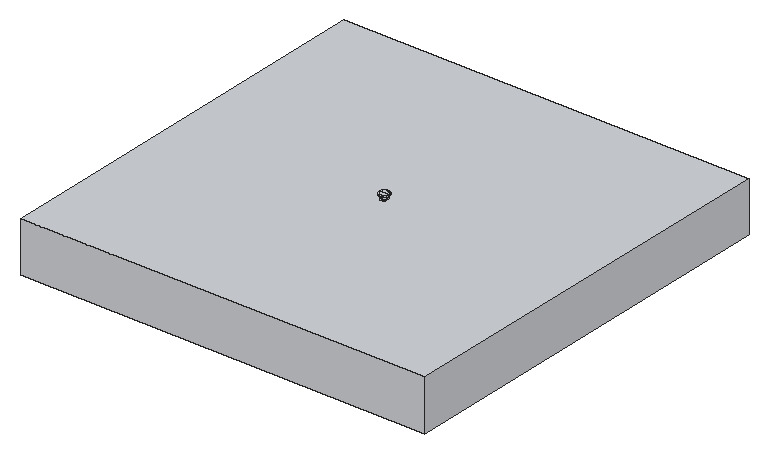
Revit family "M_Botão - Interruptor", category Dispositivos de iluminação, Revit 2019
Family settings
  Hospedeiro = Face
  Manter orientação da anotação = Sim
  Cota do conector redondo = Utilizar diâmetro
  Tipo de parte = Interruptor
  Número OmniClass = 23.85.80.11
  Título OmniClass = Building Controls
  ID de item do Seek = Push Button - Switch-0000-CAN-ENU
  Corte com vazios quando carregada = Não
  Compartilhado = Não
  Ponto de cálculo do ambiente = Não
Parameters (values of type "Padrão")
  Material do botão = none
  Elevação-padrão = 1200 mm
Reference planes
  plane 1 "Centro (Frente/Trás)": y = 0
  plane 2: z = 0
  plane 3 "Centro (Esquerda/Direita)": x = 0
  plane 4: z = -45.466
  plane 5: z = 30.988
  plane 6: x = -29.972
  plane 7: x = 29.972
  plane 8: z = 25.4
  plane 9: z = 12.7
  plane 10: z = -25.4
Forms (mm)
  Extrusion 1, solid
    sketch origin (0, 0, 0) x (1, 0, 0) y (0, 1, 0)
      loop
        line (-1219.2, 1219.2) -> (-1219.2, -1219.2) -> (1219.2, -1219.2) -> (1219.2, 1219.2) -> (-1219.2, 1219.2)
    from 0 to -304.8
  Revolve 2, solid, material <- "Material do botão"
    sketch origin (0, 0, 0) x (1, 0, 0) y (0, 0, 1)
      loop
        arc (-26.797, 30.988) -> (-29.042, 30.058) -> (-29.972, 27.813) r 3.175
        line (-29.972, 27.813) -> (-29.972, 25.4) -> (0, 25.4) -> (0, 30.988) -> (-26.797, 30.988)
      axis (0, 30.988) -> (0, 25.4)
    angle from 0 to 360
  Extrusion 3, solid, material <- "Material do botão"
    sketch origin (0, 0, 0) x (1, 0, 0) y (0, 1, 0)
      loop
        circle (0, 0) r 22.225
    from 12.7 to 25.4
  Extrusion 4, solid, material <- "Material do botão"
    sketch origin (0, 0, 0) x (1, 0, 0) y (0, 1, 0)
      loop
        circle (0, 0) r 12.7
    from 0 to 12.7
  Extrusion 5, solid, material <- "Material do botão"
    sketch origin (0, 0, 0) x (1, 0, 0) y (0, 1, 0)
      loop
        arc (-11.684, 19.939) -> (-13.929, 19.009) -> (-14.859, 16.764) r 3.175
        line (-14.859, 16.764) -> (-14.859, -16.764)
        arc (-14.859, -16.764) -> (-13.929, -19.009) -> (-11.684, -19.939) r 3.175
        line (-11.684, -19.939) -> (11.684, -19.939)
        arc (11.684, -19.939) -> (13.929, -19.009) -> (14.859, -16.764) r 3.175
        line (14.859, -16.764) -> (14.859, 16.764)
        arc (14.859, 16.764) -> (13.929, 19.009) -> (11.684, 19.939) r 3.175
        line (11.684, 19.939) -> (-11.684, 19.939)
    from 0 to -25.4
  Extrusion 6, solid, material <- "Material do botão"
    sketch origin (0, 0, 0) x (0, 1, 0) y (0, 0, 1)
      loop
        line (-12.734, -45.466) -> (12.734, -45.466) -> (14.731, -43.469) -> (9.607, -25.4) -> (-9.607, -25.4) -> (-14.731, -43.469) -> (-12.734, -45.466)
    from -7.602 to 7.602
Cuts and joins
  joined: Revolve 2, Extrusion 3, Extrusion 4, Extrusion 5, Extrusion 6
Lines and regions (mm)
  symbolic lines, detail levels fine
    curve 1: line (-29.972, 0, 25.4) -> (29.972, 0, 25.4)
    curve 2: line (-22.201, 0, 12.7) -> (22.201, 0, 12.7)
    curve 3: line (-12.7, 0, 12.7) -> (-12.7, 0, 0)
    curve 4: line (12.7, 0, 0) -> (12.7, 0, 12.7)
    curve 5: line (14.859, 0, 0) -> (-14.859, 0, 0)
    curve 6: line (-14.859, 0, 0) -> (-14.859, 0, -25.4)
    curve 7: line (14.859, 0, -25.4) -> (14.859, 0, 0)
    curve 8: line (-14.859, 0, -25.4) -> (14.859, 0, -25.4)
    curve 9: line (7.602, 0, -45.466) -> (7.602, 0, -25.4)
    curve 10: line (-7.602, 0, -25.4) -> (-7.602, 0, -45.466)
    curve 11: line (-7.602, 0, -43.469) -> (7.602, 0, -43.469)
    curve 12: line (-7.602, 0, -45.466) -> (7.602, 0, -45.466)
    curve 13: line (-22.201, 0, 25.4) -> (-22.201, 0, 12.7)
    curve 14: line (22.201, 0, 25.4) -> (22.201, 0, 12.7)
    curve 15: line (-29.972, 0, 27.813) -> (-29.972, 0, 25.4)
    curve 16: line (-26.797, 0, 30.988) -> (26.797, 0, 30.988)
    curve 17: line (29.972, 0, 27.813) -> (29.972, 0, 25.4)
    curve 18: arc (-29.972, 0, 27.813) -> (-29.042, 0, 30.058) -> (-26.797, 0, 30.988) r 3.175
    curve 19: arc (26.797, 0, 30.988) -> (29.042, 0, 30.058) -> (29.972, 0, 27.813) r 3.175
Dimensions and locks
  locked: plane 5 to plane 2 at 30.988
  locked: plane 2 to plane 4 at 45.466
  equal spacing: plane 6, plane 3 "Centro (Esquerda/Direita)", plane 7
  locked: plane 6 to plane 7 at 59.944
  locked: plane 8 to plane 2 at 25.4
  equal spacing: plane 8, plane 9, plane 2
  locked: plane 2 to plane 10 at 25.4
  equal spacing: Extrusion 5 sketch curve, plane 1 "Centro (Frente/Trás)", Extrusion 5 sketch curve
  locked: Extrusion 5 sketch curve to Extrusion 5 sketch curve at 39.878
  equal spacing: Extrusion 6 sketch curve, plane 1 "Centro (Frente/Trás)", Extrusion 6 sketch curve
  equal spacing: Extrusion 6, plane 3 "Centro (Esquerda/Direita)", Extrusion 6
  equal spacing: Extrusion 5 sketch curve, plane 3 "Centro (Esquerda/Direita)", Extrusion 5 sketch curve
  locked: Extrusion 5 sketch curve to Extrusion 5 sketch curve at 29.718
  radius of Extrusion 3 sketch curve = 22.225 mm
  aligned and locked: plane 2 to Extrusion 1
  aligned and locked: level to Extrusion 1
  aligned and locked: Revolve 2 sketch curve to plane 5
  aligned and locked: plane 8 to Revolve 2 sketch curve
  aligned and locked: plane 8 to Extrusion 3
  aligned and locked: Extrusion 3 to plane 9
  aligned and locked: plane 9 to Extrusion 4
  aligned and locked: Extrusion 4 to plane 2
  aligned and locked: Extrusion 5 to plane 10
  aligned and locked: plane 2 to Extrusion 5
  aligned and locked: Extrusion 6 sketch curve to plane 10
  aligned and locked: curve 1 to Revolve 2
  aligned and locked: Extrusion 3 to curve 2
  aligned and locked: Extrusion 5 to curve 5
  aligned and locked: Extrusion 5 to curve 8
  aligned and locked: curve 9 to Extrusion 6
  aligned and locked: curve 10 to Extrusion 6
  aligned and locked: curve 11 to Extrusion 6
  aligned and locked: curve 12 to Extrusion 6
  aligned and locked: plane 1 "Centro (Frente/Trás)" to nested 1
  aligned and locked: plane 3 "Centro (Esquerda/Direita)" to nested 1
  aligned and locked: plane 1 "Centro (Frente/Trás)" to Extrusion 3 sketch curve
  aligned and locked: plane 3 "Centro (Esquerda/Direita)" to Extrusion 3 sketch curve
  aligned and locked: plane 3 "Centro (Esquerda/Direita)" to Extrusion 4 sketch curve
  aligned and locked: plane 1 "Centro (Frente/Trás)" to Extrusion 4 sketch curve
Automatic sketch dimensions
  Extrusion 1 sketch curve to Extrusion 1 sketch curve = 2438.4 mm  (x2)
  plane 6 to Revolve 2 sketch curve = 0 mm
  Revolve 2 sketch curve to plane 3 "Centro (Esquerda/Direita)" = 0 mm  (x2)
  Revolve 2 sketch curve to plane 6 = 3.175 mm
  plane 9 to Revolve 2 sketch curve = 3.127 mm
  Revolve 2 sketch curve to Revolve 2 sketch curve = 15.067 mm
  Extrusion 6 sketch curve to plane 4 = 0 mm
  plane 4 to Extrusion 6 sketch curve = 1.997 mm  (x2)
  plane 1 "Centro (Frente/Trás)" to Extrusion 6 sketch curve = 14.731 mm
  Extrusion 6 sketch curve to Extrusion 6 sketch curve = 1.997 mm  (x2)
  plane 1 "Centro (Frente/Trás)" to Extrusion 6 sketch curve = 9.607 mm
  Extrusion 6 sketch curve to plane 1 "Centro (Frente/Trás)" = 9.607 mm
  plane 6 to curve 1 = 0 mm
  curve 19 to plane 5 = 0 mm
  curve 19 to plane 7 = 0 mm
  curve 16 to plane 6 = 3.175 mm
  curve 2 to curve 3 = 9.501 mm
  curve 4 to curve 14 = 9.501 mm
  plane 8 to curve 19 = 2.413 mm
  curve 8 to curve 10 = 7.257 mm
  curve 9 to curve 7 = 7.257 mm
  Extrusion 5 sketch curve to Extrusion 5 sketch curve = 3.175 mm  (x4)
  radius of Extrusion 4 sketch curve = 12.7 mm
Nested families
  nested 1: "M_Botão - Anotação do interruptor" at (0, 0, 0), type "Botão - Anotação do interruptor", detail levels coarse+medium
Connectors
  electrical at (0, 0, -45.466)
    settings: on Extrusion 6, index 1, voltage 0 V, apparent load 0 VA, apparent load phase1 0 VA, apparent load phase2 0 VA, apparent load phase3 0 VA, power factor 1, load classification "Outros", number of poles 1, system type 13, power factor state 1, is connector primary yes, connector utility no, sub classification motor no, connector description ""
Definition of nested family "M_Botão - Anotação do interruptor"
  Parameters
    Anotação de legenda = ""
  Reference planes
    plane 1: y = 0
    plane 2: x = 0
  Lines and regions (mm)
    reference lines
      curve 1: line (-0.595, 5.783, 0) -> (-0.595, -7.274, 0)
      curve 2: line (0.595, 7.519, 0) -> (0.595, -7.274, 0)
      curve 3: line (-6.856, 3.969, 0) -> (8.926, 3.969, 0)
      curve 4: line (-9.435, 0, 0) -> (9.615, 0, 0)
      curve 9: line (-3.305, 1.984, 0) -> (5.47, 1.984, 0)
      curve 10: line (-2.645, 0.992, 0) -> (3.293, 0.992, 0)
      curve 11: line (-2.645, 2.977, 0) -> (4.195, 2.977, 0)
    detail lines
      curve 5: line (-0.595, 3.969, 0) -> (0.595, 3.969, 0)
      curve 6: line (-0.595, 0, 0) -> (-0.595, 3.969, 0)
      curve 7: line (0.595, 0, 0) -> (-0.595, 0, 0)
      curve 8: line (0.595, 3.969, 0) -> (0.595, 0, 0)
      curve 12: circle (0, 2.977, 0) r 0.198 normal (0, 0, 1)
      curve 13: circle (0, 2.977, 0) r 0.099 normal (0, 0, 1)
      curve 14: circle (0, 2.977, 0) r 0.05 normal (0, 0, 1)
      curve 15: circle (0, 1.984, 0) r 0.198 normal (0, 0, 1)
      curve 16: circle (0, 1.984, 0) r 0.099 normal (0, 0, 1)
      curve 17: circle (0, 1.984, 0) r 0.05 normal (0, 0, 1)
      curve 18: circle (0, 0.992, 0) r 0.198 normal (0, 0, 1)
      curve 19: circle (0, 0.992, 0) r 0.099 normal (0, 0, 1)
      curve 20: circle (0, 0.992, 0) r 0.05 normal (0, 0, 1)
  Dimensions and locks
    locked: curve 1 to plane 2 at 0.595
    locked: plane 2 to curve 2 at 0.595
    locked: curve 4 to curve 3 at 3.969
    locked: curve 4 to plane 1 at 0
    equal spacing: curve 4, curve 10, curve 9, curve 11, curve 3
    aligned and locked: curve 3 to curve 5
    aligned and locked: curve 6 to curve 1
    aligned and locked: curve 7 to curve 4
    aligned and locked: curve 2 to curve 8
